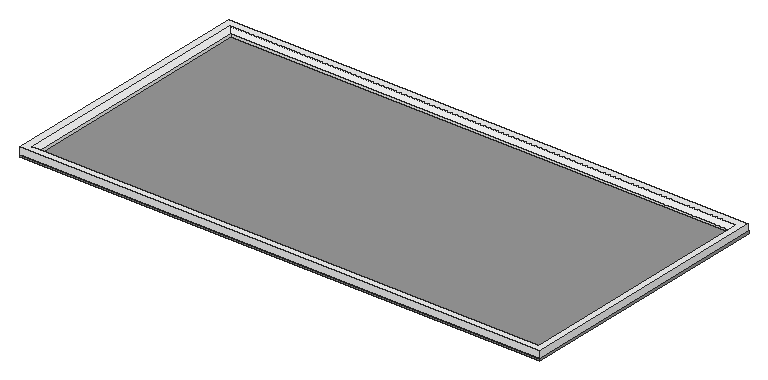
Revit family "RYN_GEN_Mirror", category Generic Models, host Face, Revit 2025
Family settings
  Host = Face
  Can host rebar = No
  Round Connector Dimension = Use Diameter
  Part Type = Normal
  Cut with Voids When Loaded = No
  Maintain Annotation Orientation = No
  Shared = No
  Room Calculation Point = No
Parameters
  Width [instance] = 1200 mm
  Sill = 750 mm
  Mirror = Mirror
  Height [instance] = 600 mm
  Frame Material = Metallo - Alluminio
  Default Elevation = 1219.2 mm
Reference planes
  plane 1 "Center (Front/Back)": y = 0
  plane 2: z = 0
  plane 3 "Center (Left/Right)": x = 0
  plane 4: x = -600
  plane 5: x = 600
  plane 6: y = 1350
  plane 7: y = 750
Forms (mm)
  Sweep 1, solid, material "Metallo - Alluminio" <- "Frame Material"
    path origin (0, 0, 0) x (1, 0, 0) y (0, 1, 0)
      loop
        line (-600, 750) -> (600, 750) -> (600, 1350) -> (-600, 1350) -> (-600, 750)
    profile origin (0, 750, 0) x (0, 1, 0) y (0, 0, 1)
      loop
        line (0, 5) -> (25, 5) -> (25, 10) -> (15, 20) -> (0, 20) -> (0, 5)
  Extrusion 2, solid, material "Mirror" <- "Mirror"
    sketch origin (0, 0, 0) x (1, 0, 0) y (0, 1, 0)
      loop
        line (-600, 750) -> (600, 750) -> (600, 1350) -> (-600, 1350) -> (-600, 750)
    from 0 to 5
Dimensions and locks
  equal spacing: plane 4, plane 3 "Center (Left/Right)", plane 5
  "Width": plane 4 to plane 5
  "Height": plane 6 to plane 7
  "Sill": plane 1 "Center (Front/Back)" to plane 7
  aligned and locked: plane 2 to host face
  aligned and locked: level to host face
  aligned and locked: plane 7 to Sweep 1 sketch curve
  aligned and locked: Sweep 1 sketch curve to plane 4
  aligned and locked: plane 6 to Sweep 1 sketch curve
  aligned and locked: Sweep 1 sketch curve to plane 5
  aligned and locked: Extrusion 2 sketch curve to Sweep 1  (x2)
  aligned and locked: plane 6 to Extrusion 2 sketch curve
  aligned and locked: Extrusion 2 sketch curve to plane 5
Automatic sketch dimensions
  host sketch curve to host sketch curve = 2438.4 mm
  host sketch curve to host sketch curve = 3279.2 mm
  Sweep 1 sketch curve to profile plane = 0 mm
  level to Sweep 1 sketch curve = 5 mm
  Sweep 1 sketch curve to Sweep 1 sketch curve = 5 mm
  Sweep 1 sketch curve to profile plane = 15 mm
  Sweep 1 sketch curve to Sweep 1 sketch curve = 10 mm
  Sweep 1 sketch curve to Sweep 1 sketch curve = 15 mm
